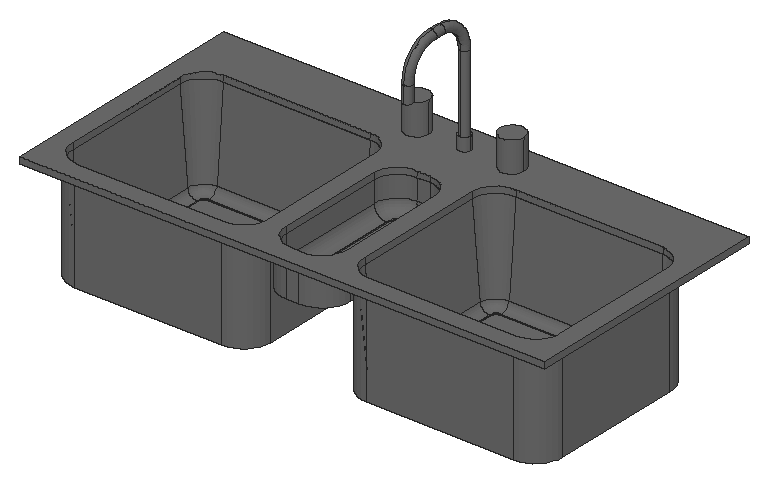
Revit family
Parameters (values of type "1100 x 535mm")
  작업대 높이 [instance] = 900.00 mm
  깊이 = 535.00 mm
  설비 재료 = 금속 - 스틸, 광택
  싱크대 재료 = 금속 - 스틸, 광택
  폭 = 1100.00 mm
Reference planes
  plane 1 "중심(앞/뒤)": y = -35.755
  plane 2: z = 0
  plane 3 "중심(왼쪽/오른쪽)": x = 15.689
  plane 4: y = 269.845
  plane 5: y = -265.155
  plane 6: x = -534.311
  plane 7: x = 565.689
  plane 8 "작업대 상단": z = 900
  plane 9: z = 912.7
  plane 10: z = 684.1
  plane 11: y = 155.545
  plane 12: x = -496.211
  plane 13: y = -227.055
  plane 14: x = 527.589
  plane 15: x = -84.311
  plane 16: x = 115.689
  plane 17: y = 212.695
  plane 18: y = 212.695
  plane 19: y = 212.695
  plane 20: z = 1163.525
  plane 21: y = 63.47
  plane 22: z = 976.2
  plane 23: z = 938.1
  plane 24: x = -240.261
  plane 25: x = 271.639
  plane 26: x = -85.911
  plane 27: x = 117.289
  plane 28: x = -47.811
  plane 29: x = 79.189
  plane 30: y = 104.745
  plane 31: y = -86.555
  plane 32: z = 820.625
  plane 33: y = 53.945
Forms (mm)
  Extrusion 1, solid, material "금속 - 스틸, 광택" <- "싱크대 재료"
    sketch origin (0, 0, 0) x (1, 0, 0) y (0, 1, 0)
      loop
        line (-534.311, 269.845) -> (-534.311, -265.155) -> (565.689, -265.155) -> (565.689, 269.845) -> (-534.311, 269.845)
      loop
        arc (-445.411, 155.545) -> (-481.332, 140.666) -> (-496.211, 104.745) r 50.8
        line (-496.211, 104.745) -> (-496.211, -176.255)
        arc (-496.211, -176.255) -> (-481.332, -212.176) -> (-445.411, -227.055) r 50.8
        line (-445.411, -227.055) -> (-136.711, -227.055)
        arc (-136.711, -227.055) -> (-100.79, -212.176) -> (-85.911, -176.255) r 50.8
        line (-85.911, -176.255) -> (-85.911, 104.745)
        arc (-85.911, 104.745) -> (-100.79, 140.666) -> (-136.711, 155.545) r 50.8
        line (-136.711, 155.545) -> (-445.411, 155.545)
      loop
        arc (476.789, -227.055) -> (512.71, -212.176) -> (527.589, -176.255) r 50.8
        line (527.589, -176.255) -> (527.589, 104.745)
        arc (527.589, 104.745) -> (512.71, 140.666) -> (476.789, 155.545) r 50.8
        line (476.789, 155.545) -> (168.089, 155.545)
        arc (168.089, 155.545) -> (132.168, 140.666) -> (117.289, 104.745) r 50.8
        line (117.289, 104.745) -> (117.289, -176.255)
        arc (117.289, -176.255) -> (132.168, -212.176) -> (168.089, -227.055) r 50.8
        line (168.089, -227.055) -> (476.789, -227.055)
      loop
        line (2.989, -227.055) -> (28.389, -227.055)
        arc (28.389, -227.055) -> (64.31, -212.176) -> (79.189, -176.255) r 50.8
        line (79.189, -176.255) -> (79.189, 53.945)
        arc (79.189, 53.945) -> (64.31, 89.866) -> (28.389, 104.745) r 50.8
        line (28.389, 104.745) -> (2.989, 104.745)
        arc (2.989, 104.745) -> (-32.932, 89.866) -> (-47.811, 53.945) r 50.8
        line (-47.811, 53.945) -> (-47.811, -176.255)
        arc (-47.811, -176.255) -> (-32.932, -212.176) -> (2.989, -227.055) r 50.8
    from 900 to 912.7
  Sweep 2, solid, material "금속 - 스틸, 광택" <- "싱크대 재료"
    path origin (0, 0, 0) x (1, 0, 0) y (0, 1, 0)
      loop
        arc (-445.411, 155.545) -> (-481.332, 140.666) -> (-496.211, 104.745) r 50.8
        line (-496.211, 104.745) -> (-496.211, -176.255)
        arc (-496.211, -176.255) -> (-481.332, -212.176) -> (-445.411, -227.055) r 50.8
        line (-445.411, -227.055) -> (-136.711, -227.055)
        arc (-136.711, -227.055) -> (-100.79, -212.176) -> (-85.911, -176.255) r 50.8
        line (-85.911, -176.255) -> (-85.911, 104.745)
        arc (-85.911, 104.745) -> (-100.79, 140.666) -> (-136.711, 155.545) r 50.8
        line (-136.711, 155.545) -> (-445.411, 155.545)
    profile origin (-291.061, 0, 0) x (0, 1, 0) y (0, 0, 1)
      loop
        line (155.545, 900) -> (139.011, 711.015)
        arc (139.011, 711.015) -> (132.904, 698.63) -> (120.034, 693.625) r 19.05
        line (120.034, 693.625) -> (117.445, 693.625) -> (117.445, 684.1) -> (161.895, 684.1) -> (161.895, 900) -> (155.545, 900)
  Extrusion 3, solid, material "금속 - 스틸, 광택" <- "싱크대 재료"
    sketch origin (0, 0, 0) x (1, 0, 0) y (0, 1, 0)
      loop
        arc (-445.411, 117.445) -> (-454.391, 113.726) -> (-458.111, 104.745) r 12.7
        line (-458.111, 104.745) -> (-458.111, -176.255)
        arc (-458.111, -176.255) -> (-454.391, -185.235) -> (-445.411, -188.955) r 12.7
        line (-445.411, -188.955) -> (-136.711, -188.955)
        arc (-136.711, -188.955) -> (-127.731, -185.235) -> (-124.011, -176.255) r 12.7
        line (-124.011, -176.255) -> (-124.011, 104.745)
        arc (-124.011, 104.745) -> (-127.731, 113.726) -> (-136.711, 117.445) r 12.7
        line (-136.711, 117.445) -> (-445.411, 117.445)
      loop
        circle (-240.261, -35.755) r 25.4
    from 684.1 to 693.625
  Extrusion 4, solid, material "금속 - 스틸, 광택" <- "설비 재료"
    sketch origin (0, 0, 0) x (1, 0, 0) y (0, 1, 0)
      loop
        circle (-84.311, 212.695) r 25.4
      loop
        circle (115.689, 212.695) r 25.4
    from 912.7 to 976.2
  Sweep 5, solid, material "금속 - 스틸, 광택" <- "설비 재료"
    path origin (15.689, 0, 0) x (0, 1, 0) y (0, 0, 1)
      loop
        line (212.695, 912.7) -> (212.695, 1100.025)
        arc (212.695, 1100.025) -> (194.097, 1144.926) -> (149.195, 1163.525) r 63.5
        line (149.195, 1163.525) -> (126.97, 1163.525)
        arc (126.97, 1163.525) -> (82.069, 1144.926) -> (63.47, 1100.025) r 63.5
        line (63.47, 1100.025) -> (63.47, 1065.1)
    profile origin (15.689, 0, 1006.363) x (0, -1, 0) y (1, 0, 0)
      loop
        circle (-212.695, 0) r 9.525
  Extrusion 6, solid, material "금속 - 스틸, 광택" <- "설비 재료"
    sketch origin (0, 0, 0) x (1, 0, 0) y (0, 1, 0)
      loop
        circle (15.689, 212.695) r 12.7
    from 912.7 to 938.1
  Sweep 7, solid, material "금속 - 스틸, 광택" <- "싱크대 재료"
    path origin (31.378, 0, 0) x (-1, 0, 0) y (0, -1, 0)
      loop
        line (-445.411, -155.545) -> (-136.711, -155.545)
        arc (-136.711, -155.545) -> (-100.79, -140.666) -> (-85.911, -104.745) r 50.8
        line (-85.911, -104.745) -> (-85.911, 176.255)
        arc (-85.911, 176.255) -> (-100.79, 212.176) -> (-136.711, 227.055) r 50.8
        line (-136.711, 227.055) -> (-445.411, 227.055)
        arc (-445.411, 227.055) -> (-481.332, 212.176) -> (-496.211, 176.255) r 50.8
        line (-496.211, 176.255) -> (-496.211, -104.745)
        arc (-496.211, -104.745) -> (-481.332, -140.666) -> (-445.411, -155.545) r 50.8
    profile origin (322.439, 0, 0) x (0, -1, 0) y (0, 0, 1)
      loop
        line (-155.545, 900) -> (-161.895, 900) -> (-161.895, 684.1) -> (-117.445, 684.1) -> (-117.445, 693.625) -> (-120.034, 693.625)
        arc (-120.034, 693.625) -> (-132.904, 698.63) -> (-139.011, 711.015) r 19.05
        line (-139.011, 711.015) -> (-155.545, 900)
  Extrusion 8, solid, material "금속 - 스틸, 광택" <- "싱크대 재료"
    sketch origin (31.378, 0, 0) x (-1, 0, 0) y (0, -1, 0)
      loop
        line (-447.999, -120.034) -> (-134.122, -120.034)
        arc (-134.122, -120.034) -> (-125.142, -116.314) -> (-121.422, -107.334) r 12.7
        line (-121.422, -107.334) -> (-121.422, 178.843)
        arc (-121.422, 178.843) -> (-125.142, 187.823) -> (-134.122, 191.543) r 12.7
        line (-134.122, 191.543) -> (-447.999, 191.543)
        arc (-447.999, 191.543) -> (-456.979, 187.823) -> (-460.699, 178.843) r 12.7
        line (-460.699, 178.843) -> (-460.699, -107.334)
        arc (-460.699, -107.334) -> (-456.979, -116.314) -> (-447.999, -120.034) r 12.7
      loop
        circle (-240.261, 35.755) r 25.4
    from 684.1 to 693.625
  Sweep 9, solid, material "금속 - 스틸, 광택" <- "싱크대 재료"
    path origin (0, 0, 0) x (1, 0, 0) y (0, 1, 0)
      loop
        arc (2.989, 104.745) -> (-32.932, 89.866) -> (-47.811, 53.945) r 50.8
        line (-47.811, 53.945) -> (-47.811, -176.255)
        arc (-47.811, -176.255) -> (-32.932, -212.176) -> (2.989, -227.055) r 50.8
        line (2.989, -227.055) -> (28.389, -227.055)
        arc (28.389, -227.055) -> (64.31, -212.176) -> (79.189, -176.255) r 50.8
        line (79.189, -176.255) -> (79.189, 53.945)
        arc (79.189, 53.945) -> (64.31, 89.866) -> (28.389, 104.745) r 50.8
        line (28.389, 104.745) -> (2.989, 104.745)
    profile origin (15.689, 0, 0) x (0, 1, 0) y (0, 0, 1)
      loop
        line (104.745, 900) -> (104.745, 855.55)
        arc (104.745, 855.55) -> (97.306, 837.589) -> (79.345, 830.15) r 25.4
        line (79.345, 830.15) -> (76.17, 830.15) -> (76.17, 820.625) -> (114.27, 820.625) -> (114.27, 900) -> (104.745, 900)
  Extrusion 10, solid, material "금속 - 스틸, 광택" <- "싱크대 재료"
    sketch origin (0, 0, 0) x (1, 0, 0) y (0, 1, 0)
      loop
        arc (6.164, 76.17) -> (-11.796, 68.731) -> (-19.236, 50.77) r 25.4
        line (-19.236, 50.77) -> (-19.236, -173.08)
        arc (-19.236, -173.08) -> (-11.796, -191.04) -> (6.164, -198.48) r 25.4
        line (6.164, -198.48) -> (25.214, -198.48)
        arc (25.214, -198.48) -> (43.175, -191.04) -> (50.614, -173.08) r 25.4
        line (50.614, -173.08) -> (50.614, 50.77)
        arc (50.614, 50.77) -> (43.175, 68.731) -> (25.214, 76.17) r 25.4
        line (25.214, 76.17) -> (6.164, 76.17)
      loop
        circle (15.689, -86.555) r 25.4
    from 820.625 to 830.15
Cuts and joins
  joined: Sweep 5, Extrusion 6
Lines and regions (mm)
  Masking region 1
    outline origin (0, 0, 900) x (0, -1, 0) y (1, 0, 0)
      loop
        line (-269.845, -534.311) -> (265.155, -534.311) -> (265.155, 565.689) -> (-269.845, 565.689) -> (-269.845, -534.311)
  symbolic lines
    curve 1: line (-496.211, 104.745, 900) -> (-496.211, -176.255, 900)
    curve 2: line (-445.411, -227.055, 900) -> (-136.711, -227.055, 900)
    curve 3: line (527.589, -176.255, 900) -> (527.589, 104.745, 900)
    curve 4: line (476.789, 155.545, 900) -> (168.089, 155.545, 900)
    curve 5: arc (527.589, 104.745, 900) -> (512.71, 140.666, 900) -> (476.789, 155.545, 900) r 50.8
    curve 6: arc (476.789, -227.055, 900) -> (512.71, -212.176, 900) -> (527.589, -176.255, 900) r 50.8
    curve 7: arc (-496.211, -176.255, 900) -> (-481.332, -212.176, 900) -> (-445.411, -227.055, 900) r 50.8
    curve 8: arc (-445.411, 155.545, 900) -> (-481.332, 140.666, 900) -> (-496.211, 104.745, 900) r 50.8
    curve 9: arc (28.389, 212.695, 900) -> (15.689, 225.395, 900) -> (2.989, 212.695, 900) r 12.7
    curve 10: line (2.989, 212.695, 900) -> (2.989, 15.845, 900)
    curve 11: line (28.389, 212.695, 900) -> (28.389, 15.845, 900)
    curve 12: arc (28.389, 15.845, 900) -> (15.689, 3.145, 900) -> (2.989, 15.845, 900) r 12.7
    curve 13: line (-85.911, 104.745, 900) -> (-85.911, -176.255, 900)
    curve 14: line (117.289, 104.745, 900) -> (117.289, -176.255, 900)
    curve 15: line (168.089, -227.055, 900) -> (476.789, -227.055, 900)
    curve 16: line (-136.711, 155.545, 900) -> (-445.411, 155.545, 900)
    curve 17: arc (168.089, 155.545, 900) -> (132.168, 140.666, 900) -> (117.289, 104.745, 900) r 50.8
    curve 18: arc (117.289, -176.255, 900) -> (132.168, -212.176, 900) -> (168.089, -227.055, 900) r 50.8
    curve 19: arc (-85.911, -176.255, 900) -> (-100.79, -212.176, 900) -> (-136.711, -227.055, 900) r 50.8
    curve 20: arc (-85.911, 104.745, 900) -> (-100.79, 140.666, 900) -> (-136.711, 155.545, 900) r 50.8
    curve 21: arc (-265.661, -35.755, 900) -> (-240.261, -10.355, 900) -> (-214.861, -35.755, 900) r 25.4
    curve 22: arc (-214.861, -35.755, 900) -> (-240.261, -61.155, 900) -> (-265.661, -35.755, 900) r 25.4
    curve 23: arc (246.239, -35.755, 900) -> (271.639, -10.355, 900) -> (297.039, -35.755, 900) r 25.4
    curve 24: arc (297.039, -35.755, 900) -> (271.639, -61.155, 900) -> (246.239, -35.755, 900) r 25.4
    curve 25: line (-47.811, -176.255, 900) -> (-47.811, 53.945, 900)
    curve 26: arc (-47.811, 53.945, 900) -> (-32.932, 89.866, 900) -> (2.989, 104.745, 900) r 50.8
    curve 27: line (79.189, 53.945, 900) -> (79.189, -176.255, 900)
    curve 28: arc (79.189, -176.255, 900) -> (64.31, -212.176, 900) -> (28.389, -227.055, 900) r 50.8
    curve 29: arc (2.989, -227.055, 900) -> (-32.932, -212.176, 900) -> (-47.811, -176.255, 900) r 50.8
    curve 30: line (28.389, -227.055, 900) -> (2.989, -227.055, 900)
    curve 31: arc (41.089, -86.555, 900) -> (15.689, -61.155, 900) -> (-9.711, -86.555, 900) r 25.4
    curve 32: arc (41.089, -86.555, 900) -> (15.689, -111.955, 900) -> (-9.711, -86.555, 900) r 25.4
    curve 33: arc (28.389, 104.745, 900) -> (64.31, 89.866, 900) -> (79.189, 53.945, 900) r 50.8
    curve 34: arc (-58.911, 212.695, 900) -> (-84.311, 238.095, 900) -> (-109.711, 212.695, 900) r 25.4
    curve 35: arc (-109.711, 212.695, 900) -> (-84.311, 187.295, 900) -> (-58.911, 212.695, 900) r 25.4
    curve 36: arc (141.089, 212.695, 900) -> (115.689, 238.095, 900) -> (90.289, 212.695, 900) r 25.4
    curve 37: arc (90.289, 212.695, 900) -> (115.689, 187.295, 900) -> (141.089, 212.695, 900) r 25.4
Dimensions and locks
  equal spacing: plane 6, plane 3 "중심(왼쪽/오른쪽)", plane 7
  "폭": plane 6 to plane 7
  "깊이": plane 5 to plane 4
  "작업대 높이": plane 8 "작업대 상단" to plane 2
  locked: plane 9 to plane 8 "작업대 상단" at 12.7
  locked: plane 8 "작업대 상단" to plane 10 at 215.9
  locked: plane 6 to plane 12 at 38.1
  locked: plane 14 to plane 7 at 38.1
  locked: plane 11 to plane 4 at 114.3
  locked: plane 5 to plane 13 at 38.1
  equal spacing: plane 11, plane 17, plane 4
  equal spacing: plane 11, plane 18, plane 4
  equal spacing: plane 4, plane 19, plane 11
  locked: plane 19 to plane 21 at 149.225
  locked: plane 20 to plane 9 at 250.825
  locked: plane 22 to plane 9 at 63.5
  locked: plane 23 to plane 9 at 25.4
  equal spacing: plane 13, plane 1 "중심(앞/뒤)", plane 11
  plane 26 to plane 3 "중심(왼쪽/오른쪽)" to plane 27 = 101.60 mm, 101.60 mm
  plane 26 to plane 28 = 38.10 mm
  plane 29 to plane 27 = 38.10 mm
  locked: plane 30 to plane 11 at 50.8
  locked: plane 31 to plane 1 "중심(앞/뒤)" at 50.8
  locked: plane 32 to plane 8 "작업대 상단" at 79.375
  locked: plane 11 to plane 33 at 101.6
  equal spacing: plane 12, plane 24, plane 3 "중심(왼쪽/오른쪽)"
  equal spacing: plane 3 "중심(왼쪽/오른쪽)", plane 25, plane 14
  locked: plane 15 to plane 3 "중심(왼쪽/오른쪽)" at 100
  locked: plane 3 "중심(왼쪽/오른쪽)" to plane 16 at 100
  aligned and locked: Extrusion 1 sketch curve to plane 5
  aligned and locked: plane 7 to Extrusion 1 sketch curve
  aligned and locked: plane 4 to Extrusion 1 sketch curve
  aligned and locked: Extrusion 1 sketch curve to plane 6
  aligned and locked: plane 8 "작업대 상단" to Extrusion 1
  aligned and locked: Extrusion 1 to plane 9
  aligned and locked: plane 11 to Extrusion 1 sketch curve
  aligned and locked: plane 14 to Extrusion 1 sketch curve
  aligned and locked: Extrusion 1 sketch curve to plane 12
  aligned and locked: Extrusion 1 sketch curve to plane 13
  aligned and locked: plane 11 to Sweep 2 sketch curve
  aligned and locked: Sweep 2 sketch curve to plane 12
  aligned and locked: Sweep 2 sketch curve to plane 13
  aligned and locked: Sweep 2 to Extrusion 3 sketch curve  (x4)
  aligned and locked: Sweep 2 to Extrusion 3
  aligned and locked: plane 10 to Extrusion 3
  aligned and locked: Sweep 2 sketch curve to plane 10
  aligned and locked: plane 8 "작업대 상단" to Sweep 2 sketch curve
  aligned and locked: Extrusion 4 to Extrusion 1
  aligned and locked: Extrusion 6 to Extrusion 1
  aligned and locked: Sweep 5 sketch curve to plane 19
  aligned and locked: plane 20 to Sweep 5 sketch curve
  aligned and locked: plane 21 to Sweep 5 sketch curve
  aligned and locked: Extrusion 4 to plane 22
  aligned and locked: Extrusion 6 to plane 23
  aligned and locked: curve 21 to Extrusion 3
  aligned and locked: plane 26 to Extrusion 1 sketch curve
  aligned and locked: plane 27 to Extrusion 1 sketch curve
  aligned and locked: Sweep 2 sketch curve to Extrusion 1
  aligned and locked: Sweep 7 sketch curve to plane 11
  aligned and locked: Sweep 7 sketch curve to Extrusion 1
  aligned and locked: Sweep 7 sketch curve to plane 14
  aligned and locked: plane 13 to Sweep 7 sketch curve
  aligned and locked: Extrusion 8 sketch curve to Sweep 7  (x4)
  aligned and locked: Sweep 9 sketch curve to plane 13
  aligned and locked: Extrusion 1 to Sweep 9 sketch curve  (x2)
  aligned and locked: curve 13 to Sweep 9 sketch curve
  aligned and locked: Sweep 9 to Extrusion 10 sketch curve  (x3)
  aligned and locked: Extrusion 10 sketch curve to Sweep 9
  aligned and locked: Extrusion 10 to Sweep 9  (x2)
  aligned and locked: Sweep 7 sketch curve to plane 8 "작업대 상단"
  aligned and locked: plane 10 to Sweep 7 sketch curve
  aligned and locked: Sweep 9 sketch curve to plane 8 "작업대 상단"
  aligned and locked: Sweep 9 sketch curve to plane 32
  aligned and locked: Extrusion 8 to Sweep 7
  aligned and locked: plane 10 to Extrusion 8
  aligned and locked: Masking region 1 sketch curve to plane 6
  aligned and locked: plane 4 to Masking region 1 sketch curve
  aligned and locked: plane 7 to Masking region 1 sketch curve
  aligned and locked: Masking region 1 sketch curve to plane 5
  aligned and locked: plane 15 to Extrusion 4 sketch curve
  aligned and locked: plane 17 to Extrusion 4 sketch curve  (x2)
  aligned and locked: plane 16 to Extrusion 4 sketch curve
  aligned and locked: curve 34 to Extrusion 4
  aligned and locked: curve 36 to Extrusion 4
  aligned: curve 37 to Extrusion 4
Automatic sketch dimensions
  Sweep 2 sketch curve to profile plane = 0.00 mm
  profile plane to Sweep 2 sketch curve = 16.534 mm
  Sweep 2 sketch curve to Sweep 2 sketch curve = 18.978 mm
  Sweep 2 sketch curve to Sweep 2 sketch curve = 2.588 mm
  Sweep 2 sketch curve to profile plane = 6.35 mm
  Sweep 2 sketch curve to Sweep 2 sketch curve = 9.525 mm
  Sweep 2 sketch curve to Sweep 2 sketch curve = 17.39 mm
  plane 15 to Extrusion 4 sketch curve = 25.40 mm
  plane 16 to Extrusion 4 sketch curve = 25.40 mm
  Sweep 5 sketch curve to plane 3 "중심(왼쪽/오른쪽)" = 0.00 mm
  Sweep 5 sketch curve to profile plane = 0.00 mm
  profile plane to Sweep 5 sketch curve = 9.525 mm
  Extrusion 6 sketch curve to plane 18 = 0.00 mm
  Extrusion 6 sketch curve to plane 3 "중심(왼쪽/오른쪽)" = 0.00 mm
  Extrusion 6 sketch curve to plane 3 "중심(왼쪽/오른쪽)" = 12.70 mm
  Sweep 5 sketch curve to plane 9 = 0.00 mm
  Sweep 5 sketch curve to Sweep 5 sketch curve = 63.50 mm
  plane 11 to Sweep 5 sketch curve = 6.35 mm
  Sweep 5 sketch curve to Sweep 5 sketch curve = 34.925 mm
  Extrusion 3 sketch curve to plane 1 "중심(앞/뒤)" = 0.00 mm
  Extrusion 3 sketch curve to plane 24 = 0.00 mm
  Extrusion 3 sketch curve to Extrusion 3 sketch curve = 12.70 mm  (x4)
  plane 24 to Extrusion 3 sketch curve = 25.40 mm
  Extrusion 1 sketch curve to plane 30 = 0.00 mm  (x5)
  Extrusion 1 sketch curve to plane 13 = 0.00 mm  (x2)
  Extrusion 1 sketch curve to plane 28 = 0.00 mm
  Extrusion 1 sketch curve to plane 29 = 0.00 mm
  Extrusion 1 sketch curve to plane 11 = 0.00 mm
  Extrusion 1 sketch curve to plane 12 = 50.80 mm
  Extrusion 1 sketch curve to Extrusion 1 sketch curve = 50.80 mm  (x2)
  Extrusion 1 sketch curve to plane 3 "중심(왼쪽/오른쪽)" = 12.70 mm  (x2)
  plane 3 "중심(왼쪽/오른쪽)" to Extrusion 1 sketch curve = 12.70 mm  (x2)
  plane 14 to Extrusion 1 sketch curve = 50.80 mm
  Sweep 2 sketch curve to plane 12 = 50.80 mm  (x2)
  plane 11 to Sweep 2 sketch curve = 50.80 mm
  Sweep 2 sketch curve to Sweep 2 sketch curve = 50.80 mm
  plane 14 to Sweep 7 sketch curve = 50.80 mm  (x2)
  Sweep 7 sketch curve to Sweep 7 sketch curve = 50.80 mm  (x2)
  Extrusion 8 sketch curve to plane 1 "중심(앞/뒤)" = 0.00 mm
  Extrusion 8 sketch curve to plane 25 = 0.00 mm
  Extrusion 8 sketch curve to Extrusion 8 sketch curve = 12.70 mm  (x4)
  Extrusion 8 sketch curve to plane 25 = 25.40 mm
  Sweep 9 sketch curve to plane 3 "중심(왼쪽/오른쪽)" = 12.70 mm  (x2)
  plane 3 "중심(왼쪽/오른쪽)" to Sweep 9 sketch curve = 12.70 mm  (x2)
  Extrusion 10 sketch curve to plane 31 = 0.00 mm
  Extrusion 10 sketch curve to plane 3 "중심(왼쪽/오른쪽)" = 0.00 mm
  Extrusion 10 sketch curve to plane 3 "중심(왼쪽/오른쪽)" = 25.40 mm
  Extrusion 10 sketch curve to plane 3 "중심(왼쪽/오른쪽)" = 9.525 mm  (x2)
  plane 3 "중심(왼쪽/오른쪽)" to Extrusion 10 sketch curve = 9.525 mm  (x2)
  Sweep 7 sketch curve to profile plane = 0.00 mm
  profile plane to Sweep 7 sketch curve = 6.35 mm
  Sweep 7 sketch curve to profile plane = 16.534 mm
  Sweep 7 sketch curve to Sweep 7 sketch curve = 18.978 mm
  Sweep 7 sketch curve to Sweep 7 sketch curve = 2.588 mm
  Sweep 7 sketch curve to Sweep 7 sketch curve = 1.66 mm
  Sweep 7 sketch curve to Sweep 7 sketch curve = 26.915 mm
  Sweep 9 sketch curve to profile plane = 0.00 mm
  profile plane to Sweep 9 sketch curve = 25.40 mm
  Sweep 9 sketch curve to Sweep 9 sketch curve = 3.175 mm
  Sweep 9 sketch curve to profile plane = 9.525 mm
  plane 32 to Sweep 9 sketch curve = 9.525 mm
  curve 16 to plane 11 = 0.00 mm
  curve 17 to plane 11 = 0.00 mm
  curve 3 to plane 14 = 0.00 mm
  curve 1 to plane 12 = 0.00 mm
  curve 12 to plane 3 "중심(왼쪽/오른쪽)" = 0.00 mm
  curve 19 to plane 13 = 0.00 mm
  curve 18 to plane 13 = 0.00 mm
  plane 4 to curve 11 = 57.15 mm
  plane 11 to curve 5 = 50.80 mm
  plane 11 to curve 8 = 50.80 mm
  plane 11 to curve 13 = 50.80 mm
  plane 11 to curve 14 = 50.80 mm
  curve 11 to plane 33 = 38.10 mm
  curve 13 to plane 13 = 50.80 mm
  curve 1 to plane 13 = 50.80 mm
  curve 6 to plane 13 = 50.80 mm
  plane 3 "중심(왼쪽/오른쪽)" to curve 17 = 101.60 mm
  curve 26 to plane 33 = 0.00 mm
  curve 27 to plane 33 = 0.00 mm
  curve 23 to plane 1 "중심(앞/뒤)" = 0.00 mm
  curve 32 to plane 3 "중심(왼쪽/오른쪽)" = 0.00 mm
  curve 29 to plane 13 = 0.00 mm
  curve 23 to plane 25 = 0.00 mm
  plane 3 "중심(왼쪽/오른쪽)" to curve 33 = 12.70 mm
  curve 33 to curve 26 = 0.00 mm
  plane 1 "중심(앞/뒤)" to curve 32 = 50.80 mm
  curve 25 to curve 19 = 0.00 mm
  curve 27 to curve 18 = 0.00 mm
  plane 3 "중심(왼쪽/오른쪽)" to curve 28 = 12.70 mm
  curve 28 to curve 30 = 50.80 mm
  curve 32 to plane 3 "중심(왼쪽/오른쪽)" = 25.40 mm
  plane 25 to curve 24 = 25.40 mm
  curve 16 to curve 34 = 27.00 mm
